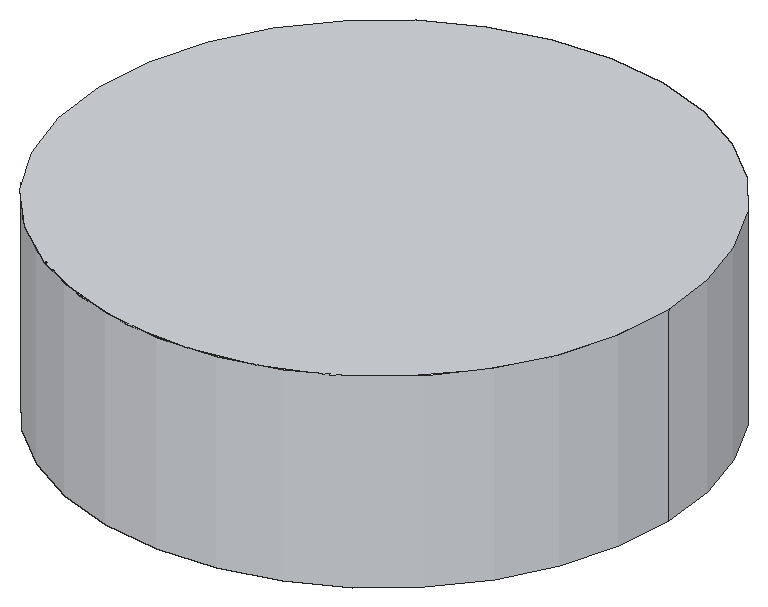
Revit family "地表隆沉", category 常规模型, Revit 2016
Family settings
  零件类型 = 标准
  可将钢筋附着到主体 = 否
  圆形连接件大小 = 使用直径
  基于工作平面 = 否
  总是垂直 = 是
  加载时剪切的空心 = 否
  共享 = 否
  房间计算点 = 否
Parameters
  高度 = 100 mm
  直径 = 300 mm
  监测数据 [instance] = ""
  测点编号 [instance] = "DB01"
Reference planes
  plane 1 "中心(前/后)": y = 0
  plane 2: z = 0
  plane 3 "中心(左/右)": x = 0
Forms (mm)
  Extrusion 1, solid
    sketch origin (0, 0, 0) x (1, 0, 0) y (0, 1, 0)
      loop
        circle (0, 0) r 150
    from 0 to 100
Dimensions and locks
  "高度": Extrusion 1 to Extrusion 1
  "直径": diameter of Extrusion 1 sketch curve
  aligned and locked: level to plane 2
  aligned and locked: Extrusion 1 to level
Automatic sketch dimensions
  plane 1 "中心(前/后)" to Extrusion 1 sketch curve = 0 mm
  Extrusion 1 sketch curve to plane 3 "中心(左/右)" = 0 mm
